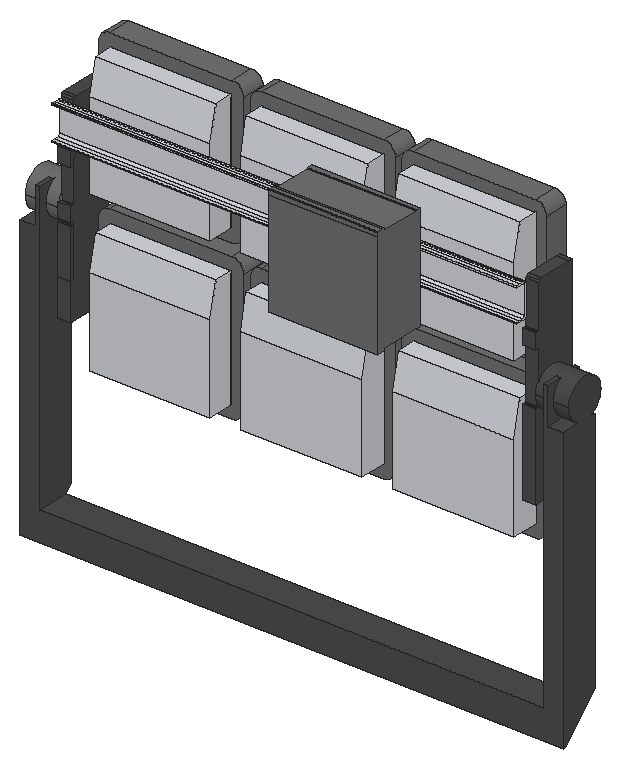
Revit family "Lighting-Proiezione-GEWISS-SMART[PRO]2.0-PROIETTORI-LED-ALTA-POTENZA_6MODULI_CLI", category Apparecchi per illuminazione, host Superficie, Revit 2019 (continued)
Definition of nested family "Frontale6 2D"
  Lines and regions (mm)
    detail lines, in view "Livello rif.", not visible
      curve 573: line (510.312, 447.745, 0) -> (509.618, 448.444, 0)
      curve 574: line (509.618, 448.444, 0) -> (488.603, 448.444, 0)
      curve 575: line (488.603, 448.444, 0) -> (309.838, 448.444, 0)
      curve 576: line (309.838, 448.444, 0) -> (309.139, 448.444, 0)
      curve 577: line (309.139, 448.444, 0) -> (307.736, 447.745, 0)
      curve 578: line (307.736, 447.745, 0) -> (305.643, 447.745, 0)
      curve 579: line (305.643, 447.745, 0) -> (304.939, 447.021, 0)
      curve 580: line (304.939, 447.021, 0) -> (304.245, 447.021, 0)
      curve 581: line (304.245, 447.021, 0) -> (304.245, 446.346, 0)
      curve 582: line (304.245, 446.346, 0) -> (303.54, 446.346, 0)
      curve 583: line (303.54, 446.346, 0) -> (301.413, 444.219, 0)
      curve 584: line (301.413, 444.219, 0) -> (301.413, 443.52, 0)
      curve 585: line (301.413, 443.52, 0) -> (300.744, 442.821, 0)
      curve 586: line (300.744, 442.821, 0) -> (300.015, 442.121, 0)
      curve 587: line (300.015, 442.121, 0) -> (300.015, 439.325, 0)
      curve 588: line (300.015, 439.325, 0) -> (299.321, 438.626, 0)
      curve 589: line (299.321, 438.626, 0) -> (299.321, 437.897, 0)
      curve 590: line (299.321, 437.897, 0) -> (299.321, 418.285, 0)
      curve 591: line (499.825, 247.94, 0) -> (499.825, 429.507, 0)
      curve 592: line (728.336, 428.807, 0) -> (728.336, 429.507, 0)
      curve 593: line (728.336, 429.507, 0) -> (547.493, 429.507, 0)
      curve 594: line (547.493, 429.507, 0) -> (547.493, 428.807, 0)
      curve 595: line (547.493, 428.807, 0) -> (547.493, 247.94, 0)
      curve 596: line (547.493, 247.94, 0) -> (728.336, 247.94, 0)
      curve 597: line (728.336, 247.94, 0) -> (547.493, 247.94, 0)
      curve 598: line (547.493, 247.94, 0) -> (547.493, 429.507, 0)
      curve 599: line (528.555, 278.071, 0) -> (528.555, 262.655, 0)
      curve 600: line (528.555, 262.655, 0) -> (528.555, 259.158, 0)
      curve 601: line (528.555, 259.158, 0) -> (528.555, 238.82, 0)
      curve 602: line (528.555, 238.82, 0) -> (528.555, 236.021, 0)
      curve 603: line (528.555, 236.021, 0) -> (529.25, 235.322, 0)
      curve 604: line (529.25, 235.322, 0) -> (529.25, 234.623, 0)
      curve 605: line (529.25, 234.623, 0) -> (529.954, 233.923, 0)
      curve 606: line (529.954, 233.923, 0) -> (529.954, 233.224, 0)
      curve 607: line (529.954, 233.224, 0) -> (530.658, 232.524, 0)
      curve 608: line (530.658, 232.524, 0) -> (531.352, 232.524, 0)
      curve 609: line (531.352, 232.524, 0) -> (531.352, 231.825, 0)
      curve 610: line (531.352, 231.825, 0) -> (532.056, 231.125, 0)
      curve 611: line (532.056, 231.125, 0) -> (532.75, 231.125, 0)
      curve 612: line (532.75, 231.125, 0) -> (533.479, 230.426, 0)
      curve 613: line (533.479, 230.426, 0) -> (534.149, 229.727, 0)
      curve 614: line (534.149, 229.727, 0) -> (535.552, 229.727, 0)
      curve 615: line (535.552, 229.727, 0) -> (536.276, 229, 0)
      curve 616: line (536.276, 229, 0) -> (538.379, 229, 0)
      curve 617: line (538.379, 229, 0) -> (557.985, 229, 0)
      curve 618: line (557.985, 229, 0) -> (561.481, 229, 0)
      curve 619: line (737.455, 229, 0) -> (739.552, 229, 0)
      curve 620: line (739.552, 229, 0) -> (740.251, 229.727, 0)
      curve 621: line (740.251, 229.727, 0) -> (741.65, 229.727, 0)
      curve 622: line (741.65, 229.727, 0) -> (743.048, 231.125, 0)
      curve 623: line (743.048, 231.125, 0) -> (743.777, 231.125, 0)
      curve 624: line (743.777, 231.125, 0) -> (744.451, 231.825, 0)
      curve 625: line (744.451, 231.825, 0) -> (744.451, 232.524, 0)
      curve 626: line (744.451, 232.524, 0) -> (745.175, 232.524, 0)
      curve 627: line (745.175, 232.524, 0) -> (745.874, 233.224, 0)
      curve 628: line (745.874, 233.224, 0) -> (745.874, 233.923, 0)
      curve 629: line (745.874, 233.923, 0) -> (746.574, 234.623, 0)
      curve 630: line (746.574, 234.623, 0) -> (746.574, 235.322, 0)
      curve 631: line (746.574, 235.322, 0) -> (747.273, 236.021, 0)
      curve 632: line (747.273, 236.021, 0) -> (747.273, 259.158, 0)
      curve 633: line (747.273, 299.108, 0) -> (747.273, 317.348, 0)
      curve 634: line (747.273, 317.348, 0) -> (747.273, 338.386, 0)
      curve 635: line (747.273, 320.845, 0) -> (747.972, 320.845, 0)
      curve 636: line (747.273, 440.024, 0) -> (747.273, 441.422, 0)
      curve 637: line (747.273, 441.422, 0) -> (746.574, 442.121, 0)
      curve 638: line (746.574, 442.121, 0) -> (746.574, 442.821, 0)
      curve 639: line (746.574, 442.821, 0) -> (745.874, 443.52, 0)
      curve 640: line (745.874, 443.52, 0) -> (744.451, 444.918, 0)
      curve 641: line (744.451, 444.918, 0) -> (744.451, 445.617, 0)
      curve 642: line (744.451, 445.617, 0) -> (743.777, 446.346, 0)
      curve 643: line (743.777, 446.346, 0) -> (743.048, 446.346, 0)
      curve 644: line (743.048, 446.346, 0) -> (742.379, 447.021, 0)
      curve 645: line (742.379, 447.021, 0) -> (741.65, 447.021, 0)
      curve 646: line (741.65, 447.021, 0) -> (740.95, 447.745, 0)
      curve 647: line (740.95, 447.745, 0) -> (738.878, 447.745, 0)
      curve 648: line (738.878, 447.745, 0) -> (738.159, 448.444, 0)
      curve 649: line (738.159, 448.444, 0) -> (717.838, 448.444, 0)
      curve 650: line (717.838, 448.444, 0) -> (538.379, 448.444, 0)
      curve 651: line (538.379, 448.444, 0) -> (537.674, 448.444, 0)
      curve 652: line (537.674, 448.444, 0) -> (536.98, 447.745, 0)
      curve 653: line (536.98, 447.745, 0) -> (534.848, 447.745, 0)
      curve 654: line (534.848, 447.745, 0) -> (534.149, 447.021, 0)
      curve 655: line (534.149, 447.021, 0) -> (533.479, 447.021, 0)
      curve 656: line (533.479, 447.021, 0) -> (532.75, 446.346, 0)
      curve 657: line (532.75, 446.346, 0) -> (532.056, 446.346, 0)
      curve 658: line (532.056, 446.346, 0) -> (531.352, 445.617, 0)
      curve 659: line (531.352, 445.617, 0) -> (531.352, 444.918, 0)
      curve 660: line (531.352, 444.918, 0) -> (529.954, 443.52, 0)
      curve 661: line (529.954, 443.52, 0) -> (529.954, 442.821, 0)
      curve 662: line (529.954, 442.821, 0) -> (529.25, 442.821, 0)
      curve 663: line (529.25, 442.821, 0) -> (529.25, 442.121, 0)
      curve 664: line (529.25, 442.121, 0) -> (528.555, 441.422, 0)
      curve 665: line (528.555, 441.422, 0) -> (528.555, 437.897, 0)
      curve 666: line (528.555, 437.897, 0) -> (528.555, 418.285, 0)
      curve 667: line (728.336, 247.94, 0) -> (728.336, 429.507, 0)
      curve 668: line (30.134, 51.169, 0) -> (787.572, 51.169, 0)
Definition of nested family "SIMBOLO SMART[PRO]6"
  Reference planes
    plane 1 "Centro (Fronte/Retro)": y = 0
    plane 2: z = 0
    plane 3 "Centro (Sinistra/Destra)": x = 0
  Lines and regions (mm)
    detail lines, in view "Livello rif."
      curve 1: line (43.2, 161.646, 0) -> (0, 183.153, 0)
      curve 2: line (0, 183.153, 0) -> (43.2, 204.919, 0)
      curve 3: line (43.2, 204.919, 0) -> (43.2, 161.646, 0)
      curve 4: line (0, 204.79, 0) -> (0, 161.516, 0)
      curve 5: line (0, 183.153, 0) -> (-25.261, 183.153, 0)
      curve 6: line (43.2, 183.282, 0) -> (61.853, 183.282, 0)
      curve 7: line (214.768, 249.908, 0) -> (214.768, 0, 0)
      curve 8: line (214.768, 0, 0) -> (-175.232, 0, 0)
      curve 9: line (-175.232, 0, 0) -> (-175.232, 249.908, 0)
      curve 10: line (-175.232, 249.908, 0) -> (214.768, 249.908, 0)
      curve 11: line (-31.622, 232.828, 0) -> (67.728, 232.828, 0)
      curve 12: line (67.728, 232.828, 0) -> (67.728, 133.478, 0)
      curve 13: line (67.728, 133.478, 0) -> (-31.622, 133.478, 0)
      curve 14: line (-31.622, 133.478, 0) -> (-31.622, 232.828, 0)
      curve 15: line (-83.37, 161.646, 0) -> (-126.57, 183.153, 0)
      curve 16: line (-126.57, 183.153, 0) -> (-83.37, 204.919, 0)
      curve 17: line (-83.37, 204.919, 0) -> (-83.37, 161.646, 0)
      curve 18: line (-126.57, 204.79, 0) -> (-126.57, 161.516, 0)
      curve 19: line (-126.57, 183.153, 0) -> (-151.83, 183.153, 0)
      curve 20: line (-83.37, 183.282, 0) -> (-64.717, 183.282, 0)
      curve 21: line (-158.191, 232.828, 0) -> (-58.842, 232.828, 0)
      curve 22: line (-58.842, 232.828, 0) -> (-58.842, 133.478, 0)
      curve 23: line (-58.842, 133.478, 0) -> (-158.191, 133.478, 0)
      curve 24: line (-158.191, 133.478, 0) -> (-158.191, 232.828, 0)
      curve 25: line (169.769, 161.646, 0) -> (126.57, 183.153, 0)
      curve 26: line (126.57, 183.153, 0) -> (169.769, 204.919, 0)
      curve 27: line (169.769, 204.919, 0) -> (169.769, 161.646, 0)
      curve 28: line (126.57, 204.79, 0) -> (126.57, 161.516, 0)
      curve 29: line (126.57, 183.153, 0) -> (101.309, 183.153, 0)
      curve 30: line (169.769, 183.282, 0) -> (188.423, 183.282, 0)
      curve 31: line (94.948, 232.828, 0) -> (194.298, 232.828, 0)
      curve 32: line (194.298, 232.828, 0) -> (194.298, 133.478, 0)
      curve 33: line (194.298, 133.478, 0) -> (94.948, 133.478, 0)
      curve 34: line (94.948, 133.478, 0) -> (94.948, 232.828, 0)
      curve 35: line (43.2, 88.246, 0) -> (0, 66.739, 0)
      curve 36: line (0, 66.739, 0) -> (43.2, 44.973, 0)
      curve 37: line (43.2, 44.973, 0) -> (43.2, 88.246, 0)
      curve 38: line (0, 45.102, 0) -> (0, 88.376, 0)
      curve 39: line (0, 66.739, 0) -> (-25.261, 66.739, 0)
      curve 40: line (43.2, 66.61, 0) -> (61.853, 66.61, 0)
      curve 41: line (-31.622, 17.064, 0) -> (67.728, 17.064, 0)
      curve 42: line (67.728, 17.064, 0) -> (67.728, 116.414, 0)
      curve 43: line (67.728, 116.414, 0) -> (-31.622, 116.414, 0)
      curve 44: line (-31.622, 116.414, 0) -> (-31.622, 17.064, 0)
      curve 45: line (-83.37, 88.246, 0) -> (-126.57, 66.739, 0)
      curve 46: line (-126.57, 66.739, 0) -> (-83.37, 44.973, 0)
      curve 47: line (-83.37, 44.973, 0) -> (-83.37, 88.246, 0)
      curve 48: line (-126.57, 45.102, 0) -> (-126.57, 88.376, 0)
      curve 49: line (-126.57, 66.739, 0) -> (-151.83, 66.739, 0)
      curve 50: line (-83.37, 66.61, 0) -> (-64.717, 66.61, 0)
      curve 51: line (-158.191, 17.064, 0) -> (-58.842, 17.064, 0)
      curve 52: line (-58.842, 17.064, 0) -> (-58.842, 116.414, 0)
      curve 53: line (-58.842, 116.414, 0) -> (-158.191, 116.414, 0)
      curve 54: line (-158.191, 116.414, 0) -> (-158.191, 17.064, 0)
      curve 55: line (169.769, 88.246, 0) -> (126.57, 66.739, 0)
      curve 56: line (126.57, 66.739, 0) -> (169.769, 44.973, 0)
      curve 57: line (169.769, 44.973, 0) -> (169.769, 88.246, 0)
      curve 58: line (126.57, 45.102, 0) -> (126.57, 88.376, 0)
      curve 59: line (126.57, 66.739, 0) -> (101.309, 66.739, 0)
      curve 60: line (169.769, 66.61, 0) -> (188.423, 66.61, 0)
      curve 61: line (94.948, 17.064, 0) -> (194.298, 17.064, 0)
      curve 62: line (194.298, 17.064, 0) -> (194.298, 116.414, 0)
      curve 63: line (194.298, 116.414, 0) -> (94.948, 116.414, 0)
      curve 64: line (94.948, 116.414, 0) -> (94.948, 17.064, 0)
    detail lines, in view "Livello rif.", not visible
      curve 65: line (238.431, 186.7, 0) -> (195.232, 208.207, 0)
      curve 66: line (195.232, 208.207, 0) -> (238.431, 229.973, 0)
      curve 67: line (238.431, 229.973, 0) -> (238.431, 186.7, 0)
      curve 68: line (195.232, 229.844, 0) -> (195.232, 186.57, 0)
      curve 69: line (195.232, 208.207, 0) -> (169.971, 208.207, 0)
      curve 70: line (238.431, 208.336, 0) -> (257.084, 208.336, 0)
      curve 71: line (410, 274.962, 0) -> (410, 25.054, 0)
      curve 72: line (410, 25.054, 0) -> (20, 25.054, 0)
      curve 73: line (20, 25.054, 0) -> (20, 274.962, 0)
      curve 74: line (20, 274.962, 0) -> (410, 274.962, 0)
      curve 75: line (163.61, 257.882, 0) -> (262.96, 257.882, 0)
      curve 76: line (262.96, 257.882, 0) -> (262.96, 158.532, 0)
      curve 77: line (262.96, 158.532, 0) -> (163.61, 158.532, 0)
      curve 78: line (163.61, 158.532, 0) -> (163.61, 257.882, 0)
      curve 79: line (111.862, 186.7, 0) -> (68.662, 208.207, 0)
      curve 80: line (68.662, 208.207, 0) -> (111.862, 229.973, 0)
      curve 81: line (111.862, 229.973, 0) -> (111.862, 186.7, 0)
      curve 82: line (68.662, 229.844, 0) -> (68.662, 186.57, 0)
      curve 83: line (68.662, 208.207, 0) -> (43.401, 208.207, 0)
      curve 84: line (111.862, 208.336, 0) -> (130.515, 208.336, 0)
      curve 85: line (37.04, 257.882, 0) -> (136.39, 257.882, 0)
      curve 86: line (136.39, 257.882, 0) -> (136.39, 158.532, 0)
      curve 87: line (136.39, 158.532, 0) -> (37.04, 158.532, 0)
      curve 88: line (37.04, 158.532, 0) -> (37.04, 257.882, 0)
      curve 89: line (365.001, 186.7, 0) -> (321.801, 208.207, 0)
      curve 90: line (321.801, 208.207, 0) -> (365.001, 229.973, 0)
      curve 91: line (365.001, 229.973, 0) -> (365.001, 186.7, 0)
      curve 92: line (321.801, 229.844, 0) -> (321.801, 186.57, 0)
      curve 93: line (321.801, 208.207, 0) -> (296.541, 208.207, 0)
      curve 94: line (365.001, 208.336, 0) -> (383.654, 208.336, 0)
      curve 95: line (290.18, 257.882, 0) -> (389.529, 257.882, 0)
      curve 96: line (389.529, 257.882, 0) -> (389.529, 158.532, 0)
      curve 97: line (389.529, 158.532, 0) -> (290.18, 158.532, 0)
      curve 98: line (290.18, 158.532, 0) -> (290.18, 257.882, 0)
      curve 99: line (238.431, 113.3, 0) -> (195.232, 91.793, 0)
      curve 100: line (195.232, 91.793, 0) -> (238.431, 70.027, 0)
      curve 101: line (238.431, 70.027, 0) -> (238.431, 113.3, 0)
      curve 102: line (195.232, 70.156, 0) -> (195.232, 113.43, 0)
      curve 103: line (195.232, 91.793, 0) -> (169.971, 91.793, 0)
      curve 104: line (238.431, 91.664, 0) -> (257.084, 91.664, 0)
      curve 105: line (163.61, 42.118, 0) -> (262.96, 42.118, 0)
      curve 106: line (262.96, 42.118, 0) -> (262.96, 141.468, 0)
      curve 107: line (262.96, 141.468, 0) -> (163.61, 141.468, 0)
      curve 108: line (163.61, 141.468, 0) -> (163.61, 42.118, 0)
      curve 109: line (111.862, 113.3, 0) -> (68.662, 91.793, 0)
      curve 110: line (68.662, 91.793, 0) -> (111.862, 70.027, 0)
      curve 111: line (111.862, 70.027, 0) -> (111.862, 113.3, 0)
      curve 112: line (68.662, 70.156, 0) -> (68.662, 113.43, 0)
      curve 113: line (68.662, 91.793, 0) -> (43.401, 91.793, 0)
      curve 114: line (111.862, 91.664, 0) -> (130.515, 91.664, 0)
      curve 115: line (37.04, 42.118, 0) -> (136.39, 42.118, 0)
      curve 116: line (136.39, 42.118, 0) -> (136.39, 141.468, 0)
      curve 117: line (136.39, 141.468, 0) -> (37.04, 141.468, 0)
      curve 118: line (37.04, 141.468, 0) -> (37.04, 42.118, 0)
      curve 119: line (365.001, 113.3, 0) -> (321.801, 91.793, 0)
      curve 120: line (321.801, 91.793, 0) -> (365.001, 70.027, 0)
      curve 121: line (365.001, 70.027, 0) -> (365.001, 113.3, 0)
      curve 122: line (321.801, 70.156, 0) -> (321.801, 113.43, 0)
      curve 123: line (321.801, 91.793, 0) -> (296.541, 91.793, 0)
      curve 124: line (365.001, 91.664, 0) -> (383.654, 91.664, 0)
      curve 125: line (290.18, 42.118, 0) -> (389.529, 42.118, 0)
      curve 126: line (389.529, 42.118, 0) -> (389.529, 141.468, 0)
      curve 127: line (389.529, 141.468, 0) -> (290.18, 141.468, 0)
      curve 128: line (290.18, 141.468, 0) -> (290.18, 42.118, 0)
  Dimensions and locks
    aligned and locked: curve 4 to plane 3 "Centro (Sinistra/Destra)"
    aligned and locked: curve 8 to plane 1 "Centro (Fronte/Retro)"
Definition of nested family "Laterale6 2D"
  Reference planes
    plane 1 "Centro (Fronte/Retro)": y = 0
    plane 2: z = 0
    plane 3 "Centro (Sinistra/Destra)": x = 0
  Lines and regions (mm)
    model lines, in view "Livello rif."
      curve 1: line (56.059, 467.879, 0) -> (-0.761, 469.449, 0)
      curve 2: line (-33.478, 448.414, 0) -> (-35.814, 435.185, 0)
      curve 3: line (-35.814, 435.185, 0) -> (-35.814, 243.672, 0)
      curve 4: line (-35.814, 243.672, 0) -> (-33.478, 230.443, 0)
      curve 5: line (-33.478, 230.443, 0) -> (-32.694, 230.443, 0)
      curve 6: line (-32.694, 230.443, 0) -> (-32.694, 229.63, 0)
      curve 7: line (-32.694, 229.63, 0) -> (-25.673, 229.63, 0)
      curve 8: line (-25.673, 229.63, 0) -> (-2.331, 228.873, 0)
      curve 9: line (-32.694, 230.443, 0) -> (-33.478, 230.443, 0)
      curve 10: line (-33.478, 230.443, 0) -> (-32.666, 229.63, 0)
      curve 11: line (-33.478, 447.63, 0) -> (-32.666, 447.63, 0)
      curve 12: line (-33.478, 470.999, 0) -> (-32.666, 470.999, 0)
      curve 13: line (41.256, 558.986, 0) -> (41.256, 557.416, 0)
      curve 14: line (41.256, 599.457, 0) -> (41.279, 601.008, 0)
      curve 15: line (-2.331, 309.054, 0) -> (-17.134, 309.054, 0)
      curve 16: line (-17.134, 309.054, 0) -> (-22.576, 309.054, 0)
      curve 17: line (-22.576, 309.054, 0) -> (-22.576, 379.131, 0)
      curve 18: line (-22.576, 379.131, 0) -> (-22.576, 609.57, 0)
      curve 19: line (-22.576, 609.57, 0) -> (-17.111, 609.57, 0)
      curve 20: line (-17.111, 609.57, 0) -> (36.599, 609.57, 0)
      curve 21: line (36.599, 609.57, 0) -> (39.738, 608.024, 0)
      curve 22: line (39.738, 608.024, 0) -> (41.279, 604.119, 0)
      curve 23: line (41.279, 604.119, 0) -> (41.279, 539.521, 0)
      curve 24: line (41.279, 539.521, 0) -> (42.807, 539.521, 0)
      curve 25: line (42.807, 539.521, 0) -> (42.807, 499.027, 0)
      curve 26: line (42.807, 499.027, 0) -> (42.807, 498.242, 0)
      curve 27: line (-32.694, 449.199, 0) -> (-33.478, 448.414, 0)
      curve 28: line (-33.478, 448.414, 0) -> (-32.694, 448.414, 0)
      curve 29: line (-32.694, 448.414, 0) -> (-32.694, 449.199, 0)
      curve 30: line (-32.694, 449.199, 0) -> (-25.673, 449.199, 0)
      curve 31: line (-25.673, 449.199, 0) -> (-22.576, 449.199, 0)
      curve 32: line (-22.576, 449.199, 0) -> (-22.576, 469.449, 0)
      curve 33: line (-22.576, 469.449, 0) -> (-25.673, 469.449, 0)
      curve 34: line (-25.673, 469.449, 0) -> (-32.666, 469.449, 0)
      curve 35: line (-32.694, 469.449, 0) -> (-32.694, 470.215, 0)
      curve 36: line (-32.694, 470.215, 0) -> (-32.666, 469.449, 0)
      curve 37: line (42.807, 485.013, 0) -> (42.807, 486.555, 0)
      curve 38: line (42.807, 486.555, 0) -> (42.807, 498.242, 0)
      curve 39: line (-0.761, 469.449, 0) -> (-2.331, 459.312, 0)
      curve 40: line (-2.331, 459.312, 0) -> (-2.331, 428.949, 0)
      curve 41: line (-2.331, 428.949, 0) -> (-2.331, 56.034, 0)
      curve 42: line (-2.331, 56.034, 0) -> (3.877, 49.824, 0)
      curve 43: line (3.877, 49.824, 0) -> (5.447, 47.467, 0)
      curve 44: line (5.447, 47.467, 0) -> (49.828, 3.878, 0)
      curve 45: line (49.828, 3.878, 0) -> (51.369, 1.546, 0)
      curve 46: line (51.369, 1.546, 0) -> (53.723, 0, 0)
      curve 47: line (53.723, 0, 0) -> (57.628, 0, 0)
      curve 48: line (57.628, 0, 0) -> (57.628, 414.151, 0)
      curve 49: line (57.628, 414.151, 0) -> (57.628, 459.312, 0)
      curve 50: line (57.628, 459.312, 0) -> (56.059, 467.879, 0)
      curve 51: line (0, 616.591, 0) -> (0, 609.57, 0)
      curve 52: line (0, 609.57, 0) -> (0, 688.994, 0)
      curve 53: line (0, 688.994, 0) -> (-25.673, 688.994, 0)
      curve 54: line (-25.673, 688.994, 0) -> (-32.694, 688.994, 0)
      curve 55: line (-32.694, 688.994, 0) -> (-35.814, 674.981, 0)
      curve 56: line (-35.814, 674.981, 0) -> (-35.814, 483.467, 0)
      curve 57: line (-35.814, 483.467, 0) -> (-33.478, 470.215, 0)
      curve 58: line (-33.478, 470.215, 0) -> (-32.694, 470.215, 0)
      curve 59: line (-32.694, 470.215, 0) -> (-33.478, 470.215, 0)
      curve 60: line (40.495, 608.785, 0) -> (40.495, 606.455, 0)
      curve 61: line (37.355, 632.155, 0) -> (38.925, 622.799, 0)
      curve 62: line (38.925, 622.799, 0) -> (39.738, 618.917, 0)
      curve 63: line (39.738, 618.917, 0) -> (40.495, 610.355, 0)
      curve 64: line (40.495, 610.355, 0) -> (40.495, 608.785, 0)
      curve 65: line (37.093, 631.745, 0) -> (31.932, 662.509, 0)
      curve 66: line (31.932, 662.509, 0) -> (24.155, 688.21, 0)
      curve 67: line (-25.673, 469.449, 0) -> (-24.911, 469.449, 0)
      curve 68: line (21.791, 688.994, 0) -> (24.155, 688.994, 0)
      curve 69: line (24.155, 688.994, 0) -> (24.155, 688.21, 0)
      curve 70: line (24.155, 688.21, 0) -> (24.155, 688.994, 0)
      curve 71: line (24.155, 688.994, 0) -> (23.342, 688.994, 0)
      curve 72: line (23.342, 688.994, 0) -> (21.791, 688.994, 0)
      curve 73: line (21.791, 688.994, 0) -> (0, 688.994, 0)
      curve 74: line (110.572, 409.489, 0) -> (109.759, 407.943, 0)
      curve 75: line (109.759, 407.943, 0) -> (108.217, 407.158, 0)
      curve 76: line (108.217, 407.158, 0) -> (63.836, 406.374, 0)
      curve 77: line (63.836, 406.374, 0) -> (63.836, 407.943, 0)
      curve 78: line (63.836, 407.943, 0) -> (57.628, 407.943, 0)
      curve 79: line (110.572, 271.699, 0) -> (109.759, 273.245, 0)
      curve 80: line (109.759, 273.245, 0) -> (108.217, 273.245, 0)
      curve 81: line (108.217, 273.245, 0) -> (63.836, 274.034, 0)
      curve 82: line (63.836, 274.034, 0) -> (63.836, 272.488, 0)
      curve 83: line (63.836, 272.488, 0) -> (57.628, 272.488, 0)
      curve 84: line (110.572, 277.911, 0) -> (110.572, 270.129, 0)
      curve 85: line (110.572, 270.129, 0) -> (112.898, 270.129, 0)
      curve 86: line (112.898, 270.129, 0) -> (119.891, 270.914, 0)
      curve 87: line (119.891, 270.914, 0) -> (121.47, 270.914, 0)
      curve 88: line (121.47, 270.914, 0) -> (121.47, 277.911, 0)
      curve 89: line (121.47, 277.911, 0) -> (121.47, 409.513, 0)
      curve 90: line (121.47, 409.513, 0) -> (119.891, 410.274, 0)
      curve 91: line (119.891, 410.274, 0) -> (112.898, 410.274, 0)
      curve 92: line (112.898, 410.274, 0) -> (110.572, 410.274, 0)
      curve 93: line (110.572, 410.274, 0) -> (110.572, 403.281, 0)
  Dimensions and locks
    aligned and locked: plane 1 "Centro (Fronte/Retro)" to curve 47
Types (54, lengths in mm): name | Versioni | Tolleranza cromatica | Temperatura di colore | Scheda Tecnica | Ottica | Modello | Lumen output (lm) | Indice di resa cromatica | IPEA | IDT | Gruppo ottico | Efficienza luminosa (lm/W) | Descrizione | Controllo abbagliamento e luminanza | Commenti sul wattaggio | Carico apparente
  GWP2630AB730 - SMART PRO 3x2M S2 CRI70 3000K | "Luce calda 3000K" | "SDCM = 5" | "3000K" | "https://www.gewiss.com/it/it/search?q=GWP2630AB730" | "S2 - Simmetrica Media" | "GWP2630AB730" | "113700" | "CRI-70" | "STRADALE = A // GRANDI AREE = A3+ // CICLOPEDONALI = A+ // AREE VERDI = A+ // CENTRO STORICO = A4+ // ALTRO = A4+" | "4561006eedca4ce39beffb5c2337b30c" | "Parabola in alluminio anodizzato brillantato con alluminio puro 99,99%" | "117" | "SMART PRO 3x2M S2 CRI70 3000K" | "G*6 - ULOR = 0" | "770W" | 770 VA
  GWP2630AC730 - SMART PRO 3x2M A1 CRI70 3000K | "Luce calda 3000K" | "SDCM = 5" | "3000K" | "https://www.gewiss.com/it/it/search?q=GWP2630AC730" | "A1 - Asimmetrica Larga" | "GWP2630AC730" | "106600" | "CRI-70" | "STRADALE = A // GRANDI AREE = A++ // CICLOPEDONALI = A // AREE VERDI = A // CENTRO STORICO = A3+ // ALTRO = A3+" | "d9cf422ad4b74c83962064fd747c6d42" | "Riflettore in PC HT quarzato&nbsp; e metallizzato lucido" | "110" | "SMART PRO 3x2M A1 CRI70 3000K" | "G*4 - ULOR = 0" | "1020W" | 1020 VA
  GWP2630AF730 - SMART PRO 3x2M A2 CRI70 3000K | "Luce calda 3000K" | "SDCM = 5" | "3000K" | "https://www.gewiss.com/it/it/search?q=GWP2630AF730" | "A2 - Asimmetrica Media" | "GWP2630AF730" | "91700" | "CRI-70" | "STRADALE = C // GRANDI AREE = A // CICLOPEDONALI = B // AREE VERDI = B // CENTRO STORICO = A+ // ALTRO = A+" | "a954fac29a4b4971a084b55ada26fea6" | "Parabola in alluminio anodizzato brillantato con alluminio puro 99,99%" | "95" | "SMART PRO 3x2M A2 CRI70 3000K" | "G*3 - ULOR = 0" | "770W" | 770 VA
  GWP2630AG730 - SMART PRO 3x2M C4 CRI70 3000K | "Luce calda 3000K" | "SDCM = 5" | "3000K" | "https://www.gewiss.com/it/it/search?q=GWP2630AG730" | "C4 - Circolare 15°" | "GWP2630AG730" | "114500" | "CRI-70" | "STRADALE = A // GRANDI AREE = A3+ // CICLOPEDONALI = A+ // AREE VERDI = A+ // CENTRO STORICO = A4+ // ALTRO = A4+" | "4b24190037b54a70ac3d0c5a2f81c7f8" | "Riflettore in PC HT quarzato&nbsp; e metallizzato lucido" | "118" | "SMART PRO 3x2M C4 CRI70 3000K" | "G*6 - ULOR = 0" | "1020W" | 1020 VA
  GWP2630AH730 - SMART PRO 3x2M C3 CRI70 3000K | "Luce calda 3000K" | "SDCM = 5" | "3000K" | "https://www.gewiss.com/it/it/search?q=GWP2630AH730" | "C3 - Circolare 20°" | "GWP2630AH730" | "114500" | "CRI-70" | "STRADALE = A // GRANDI AREE = A3+ // CICLOPEDONALI = A+ // AREE VERDI = A+ // CENTRO STORICO = A4+ // ALTRO = A4+" | "4cfce67a9bf34c9ca48a5e714463e9b1" | "Riflettore in PC HT quarzato&nbsp; e metallizzato lucido" | "118" | "SMART PRO 3x2M C3 CRI70 3000K" | "G*6 - ULOR = 0" | "770W" | 770 VA
  GWP2630AL730 - SMART PRO 3x2M C2 CRI70 3000K | "Luce calda 3000K" | "SDCM = 5" | "3000K" | "https://www.gewiss.com/it/it/search?q=GWP2630AL730" | "C2 - Circolare 25°" | "GWP2630AL730" | "111900" | "CRI-70" | "STRADALE = A // GRANDI AREE = A++ // CICLOPEDONALI = A+ // AREE VERDI = A+ // CENTRO STORICO = A4+ // ALTRO = A4+" | "ed34cddca4f740febed920f9d4d87842" | "Riflettore in PC HT quarzato&nbsp; e metallizzato lucido" | "115" | "SMART PRO 3x2M C2 CRI70 3000K" | "G*6 - ULOR = 0" | "1020W" | 1020 VA
  GWP2630AM730 - SMART PRO 3x2M C1 CRI70 3000K | "Luce calda 3000K" | "SDCM = 5" | "3000K" | "https://www.gewiss.com/it/it/search?q=GWP2630AM730" | "C1 - Circolare 30°" | "GWP2630AM730" | "111900" | "CRI-70" | "STRADALE = A // GRANDI AREE = A++ // CICLOPEDONALI = A+ // AREE VERDI = A+ // CENTRO STORICO = A4+ // ALTRO = A4+" | "fa72cee00b5d4f89bab79ca6b1ab4d90" | "Riflettore in PC HT quarzato&nbsp; e metallizzato lucido" | "115" | "SMART PRO 3x2M C1 CRI70 3000K" | "G*6 - ULOR = 0" | "770W" | 770 VA
  GWP2630AN730 - SMART PRO 3x2M A3 CRI70 3000K | "Luce calda 3000K" | "SDCM = 5" | "3000K" | "https://www.gewiss.com/it/it/search?q=GWP2630AN730" | "A3 - Asimmetrica Stretta" | "GWP2630AN730" | "111400" | "CRI-70" | "STRADALE = A // GRANDI AREE = A++ // CICLOPEDONALI = A+ // AREE VERDI = A+ // CENTRO STORICO = A4+ // ALTRO = A4+" | "bc33aaa8d11241049458e038111e0aa6" | "Parabola in alluminio anodizzato brillantato con alluminio puro 99,99%" | "115" | "SMART PRO 3x2M A3 CRI70 3000K" | "G*6 - ULOR = 0" | "1020W" | 1020 VA
  GWP2630AA740 - SMART PRO 3x2M S1 CRI70 4000K | "Luce naturale 4000K" | "SDCM = 5" | "4000K" | "https://www.gewiss.com/it/it/search?q=GWP2630AA740" | "S1 - Simmetrica Larga" | "GWP2630AA740" | "117600" | "CRI-70" | "STRADALE = A+ // GRANDI AREE = A3+ // CICLOPEDONALI = A++ // AREE VERDI = A++ // CENTRO STORICO = A5+ // ALTRO = A5+" | "77c5766f77964b9d8a94593395827103" | "Riflettore in PC HT quarzato&nbsp; e metallizzato lucido" | "121" | "SMART PRO 3x2M S1 CRI70 4000K" | "G*6 - ULOR = 0" | "770W" | 770 VA
  GWP2630AA840 - SMART PRO 3x2M S1 CRI80 4000K | "Luce naturale 4000K" | "SDCM = 3" | "4000K" | "https://www.gewiss.com/it/it/search?q=GWP2630AA840" | "S1 - Simmetrica Larga" | "GWP2630AA840" | "109800" | "CRI-80" | "STRADALE = A // GRANDI AREE = A++ // CICLOPEDONALI = A+ // AREE VERDI = A+ // CENTRO STORICO = A4+ // ALTRO = A4+" | "c3aad69632374d74808a43fba6c334a9" | "Riflettore in PC HT quarzato&nbsp; e metallizzato lucido" | "113" | "SMART PRO 3x2M S1 CRI80 4000K" | "G*6 - ULOR = 0" | "1020W" | 1020 VA
  GWP2630AA730 - SMART PRO 3x2M S1 CRI70 3000K | "Luce calda 3000K" | "SDCM = 5" | "3000K" | "https://www.gewiss.com/it/it/search?q=GWP2630AA730" | "S1 - Simmetrica Larga" | "GWP2630AA730" | "109800" | "CRI-70" | "STRADALE = A // GRANDI AREE = A++ // CICLOPEDONALI = A+ // AREE VERDI = A+ // CENTRO STORICO = A4+ // ALTRO = A4+" | "4e34dff87950464d9f140c8ce52a1415" | "Riflettore in PC HT quarzato&nbsp; e metallizzato lucido" | "113" | "SMART PRO 3x2M S1 CRI70 3000K" | "G*6 - ULOR = 0" | "1020W" | 1020 VA
  GWP2630AH740 - SMART PRO 3x2M C3 CRI70 4000K | "Luce naturale 4000K" | "SDCM = 5" | "4000K" | "https://www.gewiss.com/it/it/search?q=GWP2630AH740" | "C3 - Circolare 20°" | "GWP2630AH740" | "122700" | "CRI-70" | "STRADALE = A+ // GRANDI AREE = A4+ // CICLOPEDONALI = A++ // AREE VERDI = A++ // CENTRO STORICO = A5+ // ALTRO = A5+" | "a99f7d362832468c9697c2b4171c10f1" | "Riflettore in PC HT quarzato&nbsp; e metallizzato lucido" | "126" | "SMART PRO 3x2M C3 CRI70 4000K" | "G*6 - ULOR = 0" | "770W" | 770 VA
  GWP2630AG840 - SMART PRO 3x2M C4 CRI80 4000K | "Luce naturale 4000K" | "SDCM = 3" | "4000K" | "https://www.gewiss.com/it/it/search?q=GWP2630AG840" | "C4 - Circolare 15°" | "GWP2630AG840" | "114500" | "CRI-80" | "STRADALE = A // GRANDI AREE = A3+ // CICLOPEDONALI = A+ // AREE VERDI = A+ // CENTRO STORICO = A4+ // ALTRO = A4+" | "3f2d3c7146fd4f7e88ac85796f8f5998" | "Riflettore in PC HT quarzato&nbsp; e metallizzato lucido" | "118" | "SMART PRO 3x2M C4 CRI80 4000K" | "G*6 - ULOR = 0" | "1020W" | 1020 VA
  GWP2630AG740 - SMART PRO 3x2M C4 CRI70 4000K | "Luce naturale 4000K" | "SDCM = 5" | "4000K" | "https://www.gewiss.com/it/it/search?q=GWP2630AG740" | "C4 - Circolare 15°" | "GWP2630AG740" | "122700" | "CRI-70" | "STRADALE = A+ // GRANDI AREE = A4+ // CICLOPEDONALI = A++ // AREE VERDI = A++ // CENTRO STORICO = A5+ // ALTRO = A5+" | "bb03ad2423b54f51b63ce832b83b693a" | "Riflettore in PC HT quarzato&nbsp; e metallizzato lucido" | "126" | "SMART PRO 3x2M C4 CRI70 4000K" | "G*6 - ULOR = 0" | "770W" | 770 VA
  GWP2630AF840 - SMART PRO 3x2M A2 CRI80 4000K | "Luce naturale 4000K" | "SDCM = 3" | "4000K" | "https://www.gewiss.com/it/it/search?q=GWP2630AF840" | "A2 - Asimmetrica Media" | "GWP2630AF840" | "91700" | "CRI-80" | "STRADALE = C // GRANDI AREE = A // CICLOPEDONALI = B // AREE VERDI = B // CENTRO STORICO = A+ // ALTRO = A+" | "8fc7e29d0ccd43a78c93e135127fc841" | "Parabola in alluminio anodizzato brillantato con alluminio puro 99,99%" | "95" | "SMART PRO 3x2M A2 CRI80 4000K" | "G*3 - ULOR = 0" | "1020W" | 1020 VA
  GWP2630AF740 - SMART PRO 3x2M A2 CRI70 4000K | "Luce naturale 4000K" | "SDCM = 5" | "4000K" | "https://www.gewiss.com/it/it/search?q=GWP2630AF740" | "A2 - Asimmetrica Media" | "GWP2630AF740" | "98200" | "CRI-70" | "STRADALE = B // GRANDI AREE = A+ // CICLOPEDONALI = A // AREE VERDI = A // CENTRO STORICO = A++ // ALTRO = A++" | "1bb4e9835a7541419eb21239c30311d3" | "Parabola in alluminio anodizzato brillantato con alluminio puro 99,99%" | "101" | "SMART PRO 3x2M A2 CRI70 4000K" | "G*3 - ULOR = 0" | "770W" | 770 VA
  GWP2630AC840 - SMART PRO 3x2M A1 CRI80 4000K | "Luce naturale 4000K" | "SDCM = 3" | "4000K" | "https://www.gewiss.com/it/it/search?q=GWP2630AC840" | "A1 - Asimmetrica Larga" | "GWP2630AC840" | "106600" | "CRI-80" | "STRADALE = A // GRANDI AREE = A++ // CICLOPEDONALI = A // AREE VERDI = A // CENTRO STORICO = A3+ // ALTRO = A3+" | "ffc2ef24783e44f2ba0aa3e9e84cd482" | "Riflettore in PC HT quarzato&nbsp; e metallizzato lucido" | "110" | "SMART PRO 3x2M A1 CRI80 4000K" | "G*4 - ULOR = 0" | "1020W" | 1020 VA
  GWP2630AC740 - SMART PRO 3x2M A1 CRI70 4000K | "Luce naturale 4000K" | "SDCM = 5" | "4000K" | "https://www.gewiss.com/it/it/search?q=GWP2630AC740" | "A1 - Asimmetrica Larga" | "GWP2630AC740" | "114200" | "CRI-70" | "STRADALE = A // GRANDI AREE = A3+ // CICLOPEDONALI = A+ // AREE VERDI = A+ // CENTRO STORICO = A4+ // ALTRO = A4+" | "4f44acf29ea5436aaf5271ea21a87952" | "Riflettore in PC HT quarzato&nbsp; e metallizzato lucido" | "118" | "SMART PRO 3x2M A1 CRI70 4000K" | "G*4 - ULOR = 0" | "770W" | 770 VA
  GWP2630AB840 - SMART PRO 3x2M S2 CRI80 4000K | "Luce naturale 4000K" | "SDCM = 3" | "4000K" | "https://www.gewiss.com/it/it/search?q=GWP2630AB840" | "S2 - Simmetrica Media" | "GWP2630AB840" | "113700" | "CRI-80" | "STRADALE = A // GRANDI AREE = A3+ // CICLOPEDONALI = A+ // AREE VERDI = A+ // CENTRO STORICO = A4+ // ALTRO = A4+" | "3e2abd4527e840e884037096ac6bc8ed" | "Parabola in alluminio anodizzato brillantato con alluminio puro 99,99%" | "117" | "SMART PRO 3x2M S2 CRI80 4000K" | "G*6 - ULOR = 0" | "1020W" | 1020 VA
  GWP2630AB740 - SMART PRO 3x2M S2 CRI70 4000K | "Luce naturale 4000K" | "SDCM = 5" | "4000K" | "https://www.gewiss.com/it/it/search?q=GWP2630AB740" | "S2 - Simmetrica Media" | "GWP2630AB740" | "121800" | "CRI-70" | "STRADALE = A+ // GRANDI AREE = A4+ // CICLOPEDONALI = A++ // AREE VERDI = A++ // CENTRO STORICO = A5+ // ALTRO = A5+" | "d7df3e8f6ccf4471836e2c6068e50236" | "Parabola in alluminio anodizzato brillantato con alluminio puro 99,99%" | "126" | "SMART PRO 3x2M S2 CRI70 4000K" | "G*6 - ULOR = 0" | "770W" | 770 VA
  GWP2630AH840 - SMART PRO 3x2M C3 CRI80 4000K | "Luce naturale 4000K" | "SDCM = 3" | "4000K" | "https://www.gewiss.com/it/it/search?q=GWP2630AH840" | "C3 - Circolare 20°" | "GWP2630AH840" | "114500" | "CRI-80" | "STRADALE = A // GRANDI AREE = A3+ // CICLOPEDONALI = A+ // AREE VERDI = A+ // CENTRO STORICO = A4+ // ALTRO = A4+" | "182a8e16bd85494687ecb5a6755b548c" | "Riflettore in PC HT quarzato&nbsp; e metallizzato lucido" | "118" | "SMART PRO 3x2M C3 CRI80 4000K" | "G*6 - ULOR = 0" | "770W" | 770 VA
  GWP2630AL740 - SMART PRO 3x2M C2 CRI70 4000K | "Luce naturale 4000K" | "SDCM = 5" | "4000K" | "https://www.gewiss.com/it/it/search?q=GWP2630AL740" | "C2 - Circolare 25°" | "GWP2630AL740" | "119900" | "CRI-70" | "STRADALE = A+ // GRANDI AREE = A3+ // CICLOPEDONALI = A++ // AREE VERDI = A++ // CENTRO STORICO = A5+ // ALTRO = A5+" | "c63efc945f944ff0839b4407059f0a54" | "Riflettore in PC HT quarzato&nbsp; e metallizzato lucido" | "124" | "SMART PRO 3x2M C2 CRI70 4000K" | "G*6 - ULOR = 0" | "770W" | 770 VA
  GWP2630AL840 - SMART PRO 3x2M C2 CRI80 4000K | "Luce naturale 4000K" | "SDCM = 3" | "4000K" | "https://www.gewiss.com/it/it/search?q=GWP2630AL840" | "C2 - Circolare 25°" | "GWP2630AL840" | "111900" | "CRI-80" | "STRADALE = A // GRANDI AREE = A++ // CICLOPEDONALI = A+ // AREE VERDI = A+ // CENTRO STORICO = A4+ // ALTRO = A4+" | "ec5805f4738d4741a8de67c84d3d6021" | "Riflettore in PC HT quarzato&nbsp; e metallizzato lucido" | "115" | "SMART PRO 3x2M C2 CRI80 4000K" | "G*6 - ULOR = 0" | "770W" | 770 VA
  GWP2630AM740 - SMART PRO 3x2M C1 CRI70 4000K | "Luce naturale 4000K" | "SDCM = 5" | "4000K" | "https://www.gewiss.com/it/it/search?q=GWP2630AM740" | "C1 - Circolare 30°" | "GWP2630AM740" | "119900" | "CRI-70" | "STRADALE = A+ // GRANDI AREE = A3+ // CICLOPEDONALI = A++ // AREE VERDI = A++ // CENTRO STORICO = A5+ // ALTRO = A5+" | "d708135321ef4e1192d76413b748190c" | "Riflettore in PC HT quarzato&nbsp; e metallizzato lucido" | "124" | "SMART PRO 3x2M C1 CRI70 4000K" | "G*6 - ULOR = 0" | "770W" | 770 VA
  GWP2630AM840 - SMART PRO 3x2M C1 CRI80 4000K | "Luce naturale 4000K" | "SDCM = 3" | "4000K" | "https://www.gewiss.com/it/it/search?q=GWP2630AM840" | "C1 - Circolare 30°" | "GWP2630AM840" | "111900" | "CRI-80" | "STRADALE = A // GRANDI AREE = A++ // CICLOPEDONALI = A+ // AREE VERDI = A+ // CENTRO STORICO = A4+ // ALTRO = A4+" | "dac4ac6009c94c4bb0d0bbfb30554510" | "Riflettore in PC HT quarzato&nbsp; e metallizzato lucido" | "115" | "SMART PRO 3x2M C1 CRI80 4000K" | "G*6 - ULOR = 0" | "770W" | 770 VA
  GWP2630AN740 - SMART PRO 3x2M A3 CRI70 4000K | "Luce naturale 4000K" | "SDCM = 5" | "4000K" | "https://www.gewiss.com/it/it/search?q=GWP2630AN740" | "A3 - Asimmetrica Stretta" | "GWP2630AN740" | "119400" | "CRI-70" | "STRADALE = A+ // GRANDI AREE = A3+ // CICLOPEDONALI = A++ // AREE VERDI = A++ // CENTRO STORICO = A5+ // ALTRO = A5+" | "44937227a7944583914d19d904edde26" | "Parabola in alluminio anodizzato brillantato con alluminio puro 99,99%" | "123" | "SMART PRO 3x2M A3 CRI70 4000K" | "G*6 - ULOR = 0" | "770W" | 770 VA
  GWP2630AA757 - SMART PRO 3x2M S1 CRI70 5700K | "Luce fredda 5700K" | "SDCM = 5" | "5700K" | "https://www.gewiss.com/it/it/search?q=GWP2630AA757" | "S1 - Simmetrica Larga" | "GWP2630AA757" | "117600" | "CRI-70" | "STRADALE = A+ // GRANDI AREE = A3+ // CICLOPEDONALI = A++ // AREE VERDI = A++ // CENTRO STORICO = A5+ // ALTRO = A5+" | "acfb93b84c164e7fae142ceb03933029" | "Riflettore in PC HT quarzato&nbsp; e metallizzato lucido" | "121" | "SMART PRO 3x2M S1 CRI70 5700K" | "G*6 - ULOR = 0" | "1020W" | 1020 VA
  GWP2630AA857 - SMART PRO 3x2M S1 CRI80 5700K | "Luce fredda 5700K" | "SDCM = 3" | "5700K" | "https://www.gewiss.com/it/it/search?q=GWP2630AA857" | "S1 - Simmetrica Larga" | "GWP2630AA857" | "109800" | "CRI-80" | "STRADALE = A // GRANDI AREE = A++ // CICLOPEDONALI = A+ // AREE VERDI = A+ // CENTRO STORICO = A4+ // ALTRO = A4+" | "c339751a474e431fbff09e88983bbfdf" | "Riflettore in PC HT quarzato&nbsp; e metallizzato lucido" | "113" | "SMART PRO 3x2M S1 CRI80 5700K" | "G*6 - ULOR = 0" | "1020W" | 1020 VA
  GWP2630AA957 - SMART PRO 3x2M S1 CRI90 5700K | "Luce fredda 5700K" | "SDCM = 3" | "5700K" | "https://www.gewiss.com/it/it/search?q=GWP2630AA957" | "S1 - Simmetrica Larga" | "GWP2630AA957" | "94100" | "CRI-90 TLCI-80" | "STRADALE = C // GRANDI AREE = A // CICLOPEDONALI = B // AREE VERDI = B // CENTRO STORICO = A+ // ALTRO = A+" | "e50b481ef97545bd9afb85466f2fc294" | "Riflettore in PC HT quarzato&nbsp; e metallizzato lucido" | "97" | "SMART PRO 3x2M S1 CRI90 5700K" | "G*6 - ULOR = 0" | "1020W" | 1020 VA
  GWP2630AB757 - SMART PRO 3x2M S2 CRI70 5700K | "Luce fredda 5700K" | "SDCM = 5" | "5700K" | "https://www.gewiss.com/it/it/search?q=GWP2630AB757" | "S2 - Simmetrica Media" | "GWP2630AB757" | "121800" | "CRI-70" | "STRADALE = A+ // GRANDI AREE = A4+ // CICLOPEDONALI = A++ // AREE VERDI = A++ // CENTRO STORICO = A5+ // ALTRO = A5+" | "cd76898937bd4468896dccbf5e5d1660" | "Parabola in alluminio anodizzato brillantato con alluminio puro 99,99%" | "126" | "SMART PRO 3x2M S2 CRI70 5700K" | "G*6 - ULOR = 0" | "1020W" | 1020 VA
  GWP2630AB857 - SMART PRO 3x2M S2 CRI80 5700K | "Luce fredda 5700K" | "SDCM = 3" | "5700K" | "https://www.gewiss.com/it/it/search?q=GWP2630AB857" | "S2 - Simmetrica Media" | "GWP2630AB857" | "113700" | "CRI-80" | "STRADALE = A // GRANDI AREE = A3+ // CICLOPEDONALI = A+ // AREE VERDI = A+ // CENTRO STORICO = A4+ // ALTRO = A4+" | "f4f97d7da7254bfd83acfc3effeb81ce" | "Parabola in alluminio anodizzato brillantato con alluminio puro 99,99%" | "117" | "SMART PRO 3x2M S2 CRI80 5700K" | "G*6 - ULOR = 0" | "1020W" | 1020 VA
  GWP2630AB957 - SMART PRO 3x2M S2 CRI90 5700K | "Luce fredda 5700K" | "SDCM = 3" | "5700K" | "https://www.gewiss.com/it/it/search?q=GWP2630AB957" | "S2 - Simmetrica Media" | "GWP2630AB957" | "97400" | "CRI-90 TLCI-80" | "STRADALE = B // GRANDI AREE = A+ // CICLOPEDONALI = B // AREE VERDI = B // CENTRO STORICO = A++ // ALTRO = A++" | "a8ddf8acd4ed45a7a5e5b5a9f457276d" | "Parabola in alluminio anodizzato brillantato con alluminio puro 99,99%" | "100" | "SMART PRO 3x2M S2 CRI90 5700K" | "G*6 - ULOR = 0" | "1020W" | 1020 VA
  GWP2630AC757 - SMART PRO 3x2M A1 CRI70 5700K | "Luce fredda 5700K" | "SDCM = 5" | "5700K" | "https://www.gewiss.com/it/it/search?q=GWP2630AC757" | "A1 - Asimmetrica Larga" | "GWP2630AC757" | "114200" | "CRI-70" | "STRADALE = A // GRANDI AREE = A3+ // CICLOPEDONALI = A+ // AREE VERDI = A+ // CENTRO STORICO = A4+ // ALTRO = A4+" | "098f9af1bdc847abb4e165e19587d04a" | "Riflettore in PC HT quarzato&nbsp; e metallizzato lucido" | "118" | "SMART PRO 3x2M A1 CRI70 5700K" | "G*4 - ULOR = 0" | "1020W" | 1020 VA
  GWP2630AC857 - SMART PRO 3x2M A1 CRI80 5700K | "Luce fredda 5700K" | "SDCM = 3" | "5700K" | "https://www.gewiss.com/it/it/search?q=GWP2630AC857" | "A1 - Asimmetrica Larga" | "GWP2630AC857" | "106600" | "CRI-80" | "STRADALE = A // GRANDI AREE = A++ // CICLOPEDONALI = A // AREE VERDI = A // CENTRO STORICO = A3+ // ALTRO = A3+" | "a54306767b1c43efa0241b86b581fb7f" | "Riflettore in PC HT quarzato&nbsp; e metallizzato lucido" | "110" | "SMART PRO 3x2M A1 CRI80 5700K" | "G*4 - ULOR = 0" | "1020W" | 1020 VA
  GWP2630AC957 - SMART PRO 3x2M A1 CRI90 5700K | "Luce fredda 5700K" | "SDCM = 3" | "5700K" | "https://www.gewiss.com/it/it/search?q=GWP2630AC957" | "A1 - Asimmetrica Larga" | "GWP2630AC957" | "91400" | "CRI-90 TLCI-80" | "STRADALE = C // GRANDI AREE = A // CICLOPEDONALI = B // AREE VERDI = B // CENTRO STORICO = A+ // ALTRO = A+" | "805c3682d88047ebb071a2e4ddcf83a4" | "Riflettore in PC HT quarzato&nbsp; e metallizzato lucido" | "94" | "SMART PRO 3x2M A1 CRI90 5700K" | "G*4 - ULOR = 0" | "1020W" | 1020 VA
  GWP2630AF757 - SMART PRO 3x2M A2 CRI70 5700K | "Luce fredda 5700K" | "SDCM = 5" | "5700K" | "https://www.gewiss.com/it/it/search?q=GWP2630AF757" | "A2 - Asimmetrica Media" | "GWP2630AF757" | "98200" | "CRI-70" | "STRADALE = B // GRANDI AREE = A+ // CICLOPEDONALI = A // AREE VERDI = A // CENTRO STORICO = A++ // ALTRO = A++" | "65092b93a9da4640ad2390cbd8c1d4f8" | "Parabola in alluminio anodizzato brillantato con alluminio puro 99,99%" | "101" | "SMART PRO 3x2M A2 CRI70 5700K" | "G*3 - ULOR = 0" | "1020W" | 1020 VA
  GWP2630AF857 - SMART PRO 3x2M A2 CRI80 5700K | "Luce fredda 5700K" | "SDCM = 3" | "5700K" | "https://www.gewiss.com/it/it/search?q=GWP2630AF857" | "A2 - Asimmetrica Media" | "GWP2630AF857" | "91700" | "CRI-80" | "STRADALE = C // GRANDI AREE = A // CICLOPEDONALI = B // AREE VERDI = B // CENTRO STORICO = A+ // ALTRO = A+" | "cbd18d1b7a2a418896be9977111a61c5" | "Parabola in alluminio anodizzato brillantato con alluminio puro 99,99%" | "95" | "SMART PRO 3x2M A2 CRI80 5700K" | "G*3 - ULOR = 0" | "1020W" | 1020 VA
  GWP2630AF957 - SMART PRO 3x2M A2 CRI90 5700K | "Luce fredda 5700K" | "SDCM = 3" | "5700K" | "https://www.gewiss.com/it/it/search?q=GWP2630AF957" | "A2 - Asimmetrica Media" | "GWP2630AF957" | "78600" | "CRI-90 TLCI-80" | "STRADALE = D // GRANDI AREE = C // CICLOPEDONALI = C // AREE VERDI = C // CENTRO STORICO = B // ALTRO = B" | "233c1ba4617a4f5a9b65dfa2440a8cd9" | "Parabola in alluminio anodizzato brillantato con alluminio puro 99,99%" | "81" | "SMART PRO 3x2M A2 CRI90 5700K" | "G*3 - ULOR = 0" | "1020W" | 1020 VA
  GWP2630AG757 - SMART PRO 3x2M C4 CRI70 5700K | "Luce fredda 5700K" | "SDCM = 5" | "5700K" | "https://www.gewiss.com/it/it/search?q=GWP2630AG757" | "C4 - Circolare 15°" | "GWP2630AG757" | "122700" | "CRI-70" | "STRADALE = A+ // GRANDI AREE = A4+ // CICLOPEDONALI = A++ // AREE VERDI = A++ // CENTRO STORICO = A5+ // ALTRO = A5+" | "9199ee25ddf74f1f8533bb3565e27e71" | "Riflettore in PC HT quarzato&nbsp; e metallizzato lucido" | "126" | "SMART PRO 3x2M C4 CRI70 5700K" | "G*6 - ULOR = 0" | "1020W" | 1020 VA
  GWP2630AG857 - SMART PRO 3x2M C4 CRI80 5700K | "Luce fredda 5700K" | "SDCM = 3" | "5700K" | "https://www.gewiss.com/it/it/search?q=GWP2630AG857" | "C4 - Circolare 15°" | "GWP2630AG857" | "114500" | "CRI-80" | "STRADALE = A // GRANDI AREE = A3+ // CICLOPEDONALI = A+ // AREE VERDI = A+ // CENTRO STORICO = A4+ // ALTRO = A4+" | "37e35772b55f420ea57047f8a9ac2499" | "Riflettore in PC HT quarzato&nbsp; e metallizzato lucido" | "118" | "SMART PRO 3x2M C4 CRI80 5700K" | "G*6 - ULOR = 0" | "1020W" | 1020 VA
  GWP2630AG957 - SMART PRO 3x2M C4 CRI90 5700K | "Luce fredda 5700K" | "SDCM = 3" | "5700K" | "https://www.gewiss.com/it/it/search?q=GWP2630AG957" | "C4 - Circolare 15°" | "GWP2630AG957" | "98200" | "CRI-90 TLCI-80" | "STRADALE = B // GRANDI AREE = A+ // CICLOPEDONALI = A // AREE VERDI = A // CENTRO STORICO = A++ // ALTRO = A++" | "f2e8ebe02e6345d1b5b549d4fb931e31" | "Riflettore in PC HT quarzato&nbsp; e metallizzato lucido" | "101" | "SMART PRO 3x2M C4 CRI90 5700K" | "G*6 - ULOR = 0" | "1020W" | 1020 VA
  GWP2630AH757 - SMART PRO 3x2M C3 CRI70 5700K | "Luce fredda 5700K" | "SDCM = 5" | "5700K" | "https://www.gewiss.com/it/it/search?q=GWP2630AH757" | "C3 - Circolare 20°" | "GWP2630AH757" | "122700" | "CRI-70" | "STRADALE = A+ // GRANDI AREE = A4+ // CICLOPEDONALI = A++ // AREE VERDI = A++ // CENTRO STORICO = A5+ // ALTRO = A5+" | "95c7e772c8574332854a673e3cf36675" | "Riflettore in PC HT quarzato&nbsp; e metallizzato lucido" | "126" | "SMART PRO 3x2M C3 CRI70 5700K" | "G*6 - ULOR = 0" | "1020W" | 1020 VA
  GWP2630AH857 - SMART PRO 3x2M C3 CRI80 5700K | "Luce fredda 5700K" | "SDCM = 3" | "5700K" | "https://www.gewiss.com/it/it/search?q=GWP2630AH857" | "C3 - Circolare 20°" | "GWP2630AH857" | "114500" | "CRI-80" | "STRADALE = A // GRANDI AREE = A3+ // CICLOPEDONALI = A+ // AREE VERDI = A+ // CENTRO STORICO = A4+ // ALTRO = A4+" | "7bf470b8e0da489d9d2cd7aaac42300b" | "Riflettore in PC HT quarzato&nbsp; e metallizzato lucido" | "118" | "SMART PRO 3x2M C3 CRI80 5700K" | "G*6 - ULOR = 0" | "1020W" | 1020 VA
  GWP2630AH957 - SMART PRO 3x2M C3 CRI90 5700K | "Luce fredda 5700K" | "SDCM = 3" | "5700K" | "https://www.gewiss.com/it/it/search?q=GWP2630AH957" | "C3 - Circolare 20°" | "GWP2630AH957" | "98200" | "CRI-90 TLCI-80" | "STRADALE = B // GRANDI AREE = A+ // CICLOPEDONALI = A // AREE VERDI = A // CENTRO STORICO = A++ // ALTRO = A++" | "18fce45d69d14561881dfcff4c93714c" | "Riflettore in PC HT quarzato&nbsp; e metallizzato lucido" | "101" | "SMART PRO 3x2M C3 CRI90 5700K" | "G*6 - ULOR = 0" | "1020W" | 1020 VA
  GWP2630AL757 - SMART PRO 3x2M C2 CRI70 5700K | "Luce fredda 5700K" | "SDCM = 5" | "5700K" | "https://www.gewiss.com/it/it/search?q=GWP2630AL757" | "C2 - Circolare 25°" | "GWP2630AL757" | "119900" | "CRI-70" | "STRADALE = A+ // GRANDI AREE = A3+ // CICLOPEDONALI = A++ // AREE VERDI = A++ // CENTRO STORICO = A5+ // ALTRO = A5+" | "b5a9750145b842ac9d6b5e00ebf08cc2" | "Riflettore in PC HT quarzato&nbsp; e metallizzato lucido" | "124" | "SMART PRO 3x2M C2 CRI70 5700K" | "G*6 - ULOR = 0" | "1020W" | 1020 VA
  GWP2630AL857 - SMART PRO 3x2M C2 CRI80 5700K | "Luce fredda 5700K" | "SDCM = 3" | "5700K" | "https://www.gewiss.com/it/it/search?q=GWP2630AL857" | "C2 - Circolare 25°" | "GWP2630AL857" | "111900" | "CRI-80" | "STRADALE = A // GRANDI AREE = A++ // CICLOPEDONALI = A+ // AREE VERDI = A+ // CENTRO STORICO = A4+ // ALTRO = A4+" | "ce63288abc8849d39098f6477c80c642" | "Riflettore in PC HT quarzato&nbsp; e metallizzato lucido" | "115" | "SMART PRO 3x2M C2 CRI80 5700K" | "G*6 - ULOR = 0" | "1020W" | 1020 VA
  GWP2630AL957 - SMART PRO 3x2M C2 CRI90 5700K | "Luce fredda 5700K" | "SDCM = 3" | "5700K" | "https://www.gewiss.com/it/it/search?q=GWP2630AL957" | "C2 - Circolare 25°" | "GWP2630AL957" | "95900" | "CRI-90 TLCI-80" | "STRADALE = C // GRANDI AREE = A // CICLOPEDONALI = B // AREE VERDI = B // CENTRO STORICO = A++ // ALTRO = A++" | "9fb704fb0641447c80ebb6f800b51a81" | "Riflettore in PC HT quarzato&nbsp; e metallizzato lucido" | "99" | "SMART PRO 3x2M C2 CRI90 5700K" | "G*6 - ULOR = 0" | "1020W" | 1020 VA
  GWP2630AM757 - SMART PRO 3x2M C1 CRI70 5700K | "Luce fredda 5700K" | "SDCM = 5" | "5700K" | "https://www.gewiss.com/it/it/search?q=GWP2630AM757" | "C1 - Circolare 30°" | "GWP2630AM757" | "119900" | "CRI-70" | "STRADALE = A+ // GRANDI AREE = A3+ // CICLOPEDONALI = A++ // AREE VERDI = A++ // CENTRO STORICO = A5+ // ALTRO = A5+" | "4243b0c7c9444d7ca3622ae8697371af" | "Riflettore in PC HT quarzato&nbsp; e metallizzato lucido" | "124" | "SMART PRO 3x2M C1 CRI70 5700K" | "G*6 - ULOR = 0" | "1020W" | 1020 VA
  GWP2630AM857 - SMART PRO 3x2M C1 CRI80 5700K | "Luce fredda 5700K" | "SDCM = 3" | "5700K" | "https://www.gewiss.com/it/it/search?q=GWP2630AM857" | "C1 - Circolare 30°" | "GWP2630AM857" | "111900" | "CRI-80" | "STRADALE = A // GRANDI AREE = A++ // CICLOPEDONALI = A+ // AREE VERDI = A+ // CENTRO STORICO = A4+ // ALTRO = A4+" | "c9a85f4031be473b94eeb0e1d65831f8" | "Riflettore in PC HT quarzato&nbsp; e metallizzato lucido" | "115" | "SMART PRO 3x2M C1 CRI80 5700K" | "G*6 - ULOR = 0" | "1020W" | 1020 VA
  GWP2630AM957 - SMART PRO 3x2M C1 CRI90 5700K | "Luce fredda 5700K" | "SDCM = 3" | "5700K" | "https://www.gewiss.com/it/it/search?q=GWP2630AM957" | "C1 - Circolare 30°" | "GWP2630AM957" | "95900" | "CRI-90 TLCI-80" | "STRADALE = C // GRANDI AREE = A // CICLOPEDONALI = B // AREE VERDI = B // CENTRO STORICO = A++ // ALTRO = A++" | "f4a471d6fcb641a6aab6e0f9d6aeaf75" | "Riflettore in PC HT quarzato&nbsp; e metallizzato lucido" | "99" | "SMART PRO 3x2M C1 CRI90 5700K" | "G*6 - ULOR = 0" | "1020W" | 1020 VA
  GWP2630AN757 - SMART PRO 3x2M A3 CRI70 5700K | "Luce fredda 5700K" | "SDCM = 5" | "5700K" | "https://www.gewiss.com/it/it/search?q=GWP2630AN757" | "A3 - Asimmetrica Stretta" | "GWP2630AN757" | "119400" | "CRI-70" | "STRADALE = A+ // GRANDI AREE = A3+ // CICLOPEDONALI = A++ // AREE VERDI = A++ // CENTRO STORICO = A5+ // ALTRO = A5+" | "e9cfedce596c46069b7675299957467d" | "Parabola in alluminio anodizzato brillantato con alluminio puro 99,99%" | "123" | "SMART PRO 3x2M A3 CRI70 5700K" | "G*6 - ULOR = 0" | "1020W" | 1020 VA
  GWP2630AN840 - SMART PRO 3x2M A3 CRI80 4000K | "Luce naturale 4000K" | "SDCM = 3" | "4000K" | "https://www.gewiss.com/it/it/search?q=GWP2630AN840" | "A3 - Asimmetrica Stretta" | "GWP2630AN840" | "111400" | "CRI-80" | "STRADALE = A // GRANDI AREE = A++ // CICLOPEDONALI = A+ // AREE VERDI = A+ // CENTRO STORICO = A4+ // ALTRO = A4+" | "13f4cff933e349d99283e6f4e8192212" | "Parabola in alluminio anodizzato brillantato con alluminio puro 99,99%" | "115" | "SMART PRO 3x2M A3 CRI80 4000K" | "G*6 - ULOR = 0" | "1020W" | 1020 VA
  GWP2630AN857 - SMART PRO 3x2M A3 CRI80 5700K | "Luce fredda 5700K" | "SDCM = 3" | "5700K" | "https://www.gewiss.com/it/it/search?q=GWP2630AN857" | "A3 - Asimmetrica Stretta" | "GWP2630AN857" | "111400" | "CRI-80" | "STRADALE = A // GRANDI AREE = A++ // CICLOPEDONALI = A+ // AREE VERDI = A+ // CENTRO STORICO = A4+ // ALTRO = A4+" | "d52e42e6aaba4fc2bfca3ea56c12e5c9" | "Parabola in alluminio anodizzato brillantato con alluminio puro 99,99%" | "115" | "SMART PRO 3x2M A3 CRI80 5700K" | "G*6 - ULOR = 0" | "1020W" | 1020 VA
  GWP2630AN957 - SMART PRO 3x2M A3 CRI90 5700K | "Luce fredda 5700K" | "SDCM = 3" | "5700K" | "https://www.gewiss.com/it/it/search?q=GWP2630AN957" | "A3 - Asimmetrica Stretta" | "GWP2630AN957" | "95500" | "CRI-90 TLCI-80" | "STRADALE = C // GRANDI AREE = A // CICLOPEDONALI = B // AREE VERDI = B // CENTRO STORICO = A++ // ALTRO = A++" | "5694ef43a41d4293b3b9519a64b0ddb9" | "Parabola in alluminio anodizzato brillantato con alluminio puro 99,99%" | "98" | "SMART PRO 3x2M A3 CRI90 5700K" | "G*6 - ULOR = 0" | "1020W" | 1020 VA
